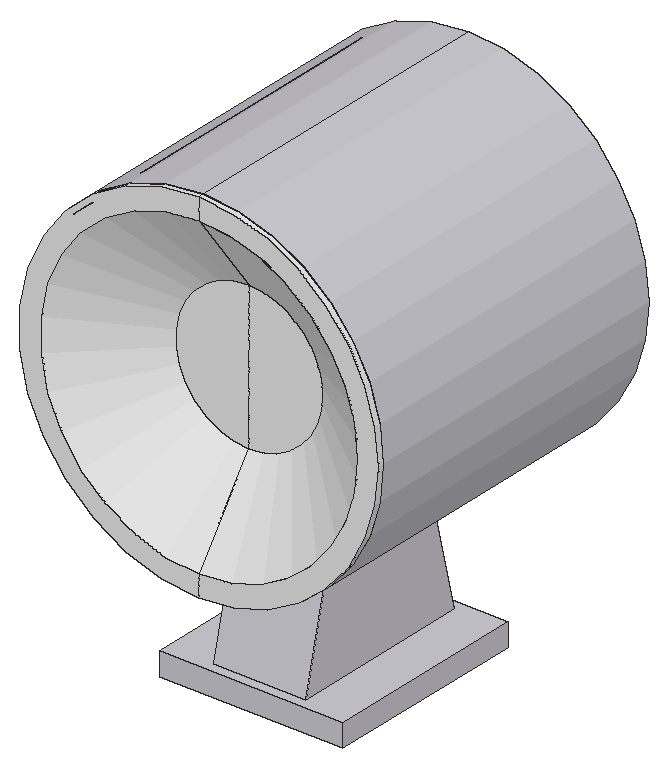
Revit family "LBC6-W", category Lighting Fixtures, host Face, Revit 2014
Parameters (values of type "LBC6-BA")
  Wattage Comments = "12W"  # constant formula
  Wattage = 12 W
  built-in parameter 1150110 = 1 (stored number, unit not read)
  Voltage = 120 V
  built-in parameter 1114217 = 1 (stored number, unit not read)
  Tilt Angle = -90.00°  # constant formula
  built-in parameter 1150109 = 1 (stored number, unit not read)
  built-in parameter 1150134 = 3
  built-in parameter 1150113 = 1 (stored number, unit not read)
  Photometric Web Link = "https://www.hubbell.com/prescolite/en/Products/Lighting-Controls/Commercial-Indoor-Lighting/Cylinder/LBC6/p/212929#prod-photometry-section"
  Photometric Web File = "LB6LEDA10L-27K.ies"
  built-in parameter 1150105 = 141.85 (stored number, unit not read)
  Lumens = 1782.5 lm
  built-in parameter 1150115 = 1 (stored number, unit not read)
  Load Classification = Lighting
  built-in parameter 1150137 = (empty or 0)
  built-in parameter 1150139 = (empty or 0)
  built-in parameter 1150112 = 1 (stored number, unit not read)
  built-in parameter 1150114 = 1 (stored number, unit not read)
  built-in parameter 1150132 = (empty or 0)
  built-in parameter 1150102 = (empty or 0)
  built-in parameter 1150107 = 3200 (stored number, unit not read)
  built-in parameter 1150138 = (empty or 0)
  built-in parameter 1150106 = 1.4185 (stored number, unit not read)
  Emit from Circle Diameter = 3"  # constant formula
  Emit Shape Visible in Rendering = no
  built-in parameter 1150104 = 13.8 (stored number, unit not read)
  Dimming Lamp Color Temperature Shift = <None>
  Contact us = "https://www.hubbell.com/prescolite/en/contactUs"
  Connector Description = "Electrical Connector"
  Color Filter = 16777215
  Certifications = "CSA C/US listed for damp locations when used with the LB6LEDA series trim for ceiling, cord or pendant mount.CSA C/US listed for wet locations when used with the LB6LEDA series trim for wall mount only."  # constant formula
  built-in parameter 1114218 = 1 (stored number, unit not read)
  Ballast = Hubbell - Aluminium
  URL = "https://www.hubbell.com/prescolite/en"
  Product Page URL = "https://www.hubbell.com/prescolite/en/Products/Lighting-Controls/Commercial-Indoor-Lighting/Cylinder/LBC6/p/212929"
  Product Documentation Link = "https://hubbellcdn.com/specsheet/lb_led_004.pdf"
  Model = "LBC6"  # constant formula
  Manufacturer = "Prescolite"  # constant formula
  Lamp = "LED Cylinder with 0-10V Dimming Standard"  # constant formula
  Reflector = Hubbell - White
  Description = "Nominal 6in cylinders designed to be used with the LiteBox LB6LEDA series trims"  # constant formula
  Default Elevation = 48"
  built-in parameter 1150133 = 10 (stored number, unit not read)
  Application = "Dining Area,Education,Healthcare,Hospitality,Office,Lobby,Conference Room,Classroom,Waiting Room,Auditorium,Guest Room"  # constant formula
  Apparent Load = 0 VA
Types (6): name | Ballast | Product Page URL
  (no name) | Hubbell - Aluminium | "https://www.hubbell.com/prescolite/en/Products/Lighting-Controls/Commercial-Indoor-Lighting/Cylinder/LBC6/p/212929"
  LBC6-WH | Hubbell - White | "https://www.hubbell.com/prescolite/en/Products/Lighting-Controls/Commercial-Indoor-Lighting/Cylinder/LBC6/p/212929"
  LBC6-BL | Hubbell - Black | "https://www.hubbell.com/prescolite/en/Products/Lighting-Controls/Commercial-Indoor-Lighting/Cylinder/LBC6/p/212929"
  LBC6-Z | Hubbell - Zet | "https://www.hubbell.com/prescolite/en/Products/Lighting-Controls/Commercial-Indoor-Lighting/Cylinder/LBC6/p/212929https://www.hubbell.com/prescolite/en/Products/Lighting-Controls/Commercial-Indoor-Lighting/Cylinder/LBC6/p/212929"
  LBC6-BA | Hubbell - Aluminium | "https://www.hubbell.com/prescolite/en/Products/Lighting-Controls/Commercial-Indoor-Lighting/Cylinder/LBC6/p/212929"
  LBC6-BZ | Hubbell - Bronze | "https://www.hubbell.com/prescolite/en/Products/Lighting-Controls/Commercial-Indoor-Lighting/Cylinder/LBC6/p/212929"
Reference planes (in)
  plane 1 "Center (Front/Back)": y = 0
  plane 2: z = 0
  plane 3 "Center (Left/Right)": x = 0
  plane 4: z = 0.5
  plane 5: y = 2.25
  plane 6: y = -2.25
  plane 7: y = 3.6875
  plane 8: y = -3.6875
  plane 9: y = -3.5625
  plane 10: y = 3.5625
  plane 11: x = 2
  plane 12: x = -2
  plane 13: z = 2.875
  plane 14: z = 6.805
  plane 15: z = 10.735
  plane 16: x = -1
  plane 17: x = 1
  plane 18: z = 3
Forms (in)
  Extrusion 1, solid, material "Hubbell - Aluminium" <- "Ballast"
    sketch origin (0, -17.75, -0.32553) x (0, 1, 0) y (0, 0, 1)
      loop
        line (19.09383, 3.57553) -> (16.40617, 3.57553) -> (15.72051, 0.82553) -> (19.77949, 0.82553) -> (19.09383, 3.57553)
    from -1 to 1
  Revolve 2, solid, material "Hubbell - Aluminium" <- "Ballast"
    sketch origin (0, 0, 0) x (0, 1, 0) y (0, 0, 1)
      loop
        line (3.6875, 2.875) -> (3.6875, 6.805) -> (3.5625, 6.805) -> (3.5625, 3) -> (-3.5625, 3) -> (-3.5625, 2.875) -> (3.6875, 2.875)
      axis (3.6875, 6.805) -> (-3.5625, 6.805)
    angle from 0 to 360
  Extrusion 3, solid, material "Hubbell - Aluminium" <- "Ballast"
    sketch origin (7.83986, -180, 7.93836) x (-1, 0, 0) y (0, -1, 0)
      loop
        line (9.83986, -182.25) -> (9.83986, -177.75) -> (5.83986, -177.75) -> (5.83986, -182.25) -> (9.83986, -182.25)
    from -7.93836 to -7.43836
  Revolve 4, solid, material "Hubbell - White" <- "Reflector"
    sketch origin (0, 0, 0) x (0, 1, 0) y (0, 0, 1)
      loop
        line (-3.6875, 2.875) -> (-3.5625, 2.875) -> (-3.5625, 3.29825) -> (-2.1957, 5.15573) -> (-2.1957, 6.805) -> (-2.3207, 6.805) -> (-2.3207, 5.19677) -> (-3.6875, 3.33928) -> (-3.6875, 2.875)
      axis (-3.6875, 6.805) -> (-2.1957, 6.805)
    angle from 0 to 360
Lines and regions (in)
  reference lines
    curve 1: line (0, 2.69693, -2.17697) -> (0, 1.18492, 3.88738)
    curve 2: line (0, -2.69693, -2.17697) -> (0, -1.18492, 3.88738)
Dimensions and locks (in)
  locked: plane 4 to level at 0.5
  equal spacing: plane 7, plane 1 "Center (Front/Back)", plane 8, locked at 3.6875 each
  locked: plane 9 to plane 8 at 0.125
  locked: plane 7 to plane 10 at 0.125
  equal spacing: plane 12, plane 3 "Center (Left/Right)", plane 11, locked at 2 each
  locked: plane 13 to level at 2.875
  equal spacing: plane 5, plane 1 "Center (Front/Back)", plane 6, locked at 2.25 each
  equal spacing: plane 15, plane 14, plane 13, locked at 3.93 each
  equal spacing: plane 16, plane 3 "Center (Left/Right)", plane 17, locked at 1 each
  locked: plane 18 to plane 13 at 0.125
  aligned and locked: plane 2 to host face
  aligned and locked: level to host face
  aligned and locked: plane 14 to Revolve 2 sketch curve
  aligned and locked: Revolve 2 sketch curve to plane 7
  aligned and locked: Revolve 2 sketch curve to plane 13
  aligned and locked: Extrusion 1 sketch curve to curve 1
  aligned and locked: Extrusion 1 sketch curve to curve 2
  aligned and locked: Extrusion 1 to plane 4
  aligned and locked: plane 5 to Extrusion 3 sketch curve
  aligned and locked: Extrusion 3 sketch curve to plane 12
  aligned and locked: Extrusion 3 sketch curve to plane 6
  aligned and locked: Extrusion 3 sketch curve to plane 11
  aligned and locked: plane 16 to Extrusion 1
  aligned and locked: plane 17 to Extrusion 1
  aligned and locked: Extrusion 3 to plane 2
  aligned and locked: Extrusion 3 to Extrusion 1
  aligned and locked: Revolve 2 sketch curve to plane 10
  aligned and locked: plane 9 to Revolve 2 sketch curve
  aligned and locked: plane 18 to Revolve 2 sketch curve
  aligned and locked: plane 8 to Revolve 4 sketch curve
  aligned and locked: plane 9 to Revolve 4 sketch curve
  aligned and locked: plane 13 to Revolve 4 sketch curve
Automatic sketch dimensions
  host sketch curve to host sketch curve = 96"  (x2)
  Extrusion 1 sketch curve to plane 4 = 0"
  plane 13 to Extrusion 1 sketch curve = 3/8"
  Revolve 2 sketch curve to plane 14 = 0"
  plane 8 to Revolve 2 sketch curve = 95.37089"
  Revolve 2 sketch curve to plane 7 = 76.64449"
  plane 6 to curve 2 = 0.44693"
  curve 2 to plane 6 = 1.06508"
  plane 5 to curve 1 = 1.06508"
  curve 1 to plane 5 = 0.44693"
  curve 2 to level = 2.17697"
  curve 1 to level = 2.17697"
  plane 13 to curve 2 = 1.01238"
  plane 13 to curve 1 = 1.01238"
  Revolve 4 sketch curve to plane 14 = 0"  (x2)
  plane 8 to Revolve 4 sketch curve = 8 3/4"
  plane 6 to Revolve 4 sketch curve = 0.0707"
  Revolve 4 sketch curve to plane 6 = 0.0543"
  plane 5 to Revolve 4 sketch curve = 15/16"
  Revolve 4 sketch curve to Revolve 4 sketch curve = 0.42325"
  Revolve 4 sketch curve to Revolve 4 sketch curve = 0.04103"  (x2)
  Revolve 4 sketch curve to plane 14 = 1.64927"
Connectors (in)
  electrical at (0, 0, 0), driven by "Connector Description", driven by "Voltage", driven by "Apparent Load", driven by "Load Classification"
    settings: index 1, voltage 120 V, apparent load 0 VA, apparent load phase1 0 VA, apparent load phase2 0 VA, apparent load phase3 0 VA, power factor 1, load classification "Lighting", number of poles 1, system type 30, power factor state 1, is connector primary yes, connector utility no, sub classification motor no, connector description "Electrical Connector"
